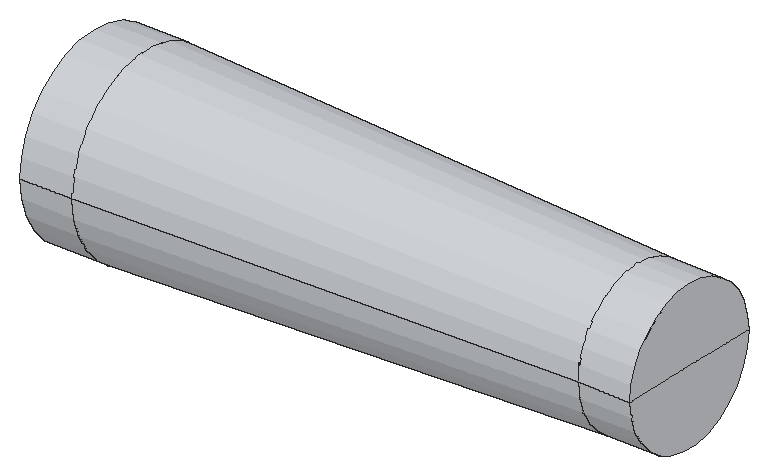
Revit family "394529d68e5e47efbd209de2deb56a6d", category Pipe Fittings, Revit 2021
Family settings
  Round Connector Dimension = Use Radius
  Part Type = Transition
  OmniClass Number = 23.60.30.11.14
  OmniClass Title = Pipework Fittings
  Work Plane-Based = No
  Always vertical = Yes
  Cut with Voids When Loaded = No
  Shared = No
Parameters (values of type "Standard")
  Visibility 2 [instance] = Nominal Diameter 2 > Nominal Diameter 1  # no
  Visibility 1 [instance] = Nominal Diameter 1 > Nominal Diameter 2  # yes
  URL = ""
  Type Comments = ""
  Tick Size 2 [instance] = if(Nominal Diameter 1 > Nominal Diameter 2, Min Tick Size 12, Max Tick Size 12)  # 1.5280"
  Tick Size 1 [instance] = if(Nominal Diameter 1 > Nominal Diameter 2, Max Tick Size 12, Min Tick Size 12)  # 1.9200"
  Min Tick Size 12 [instance] = Min Fitting Outside Diameter 12 * 0.4  # 1.5280"
  Max Tick Size 12 [instance] = Max Fitting Outside Diameter 12 * 0.4  # 1.9200"
  Nominal Radius 2 [instance] = 1.5000"
  Nominal Radius 1 [instance] = 2.0000"
  Nominal Diameter 2 [instance] = Nominal Radius 2 * 2  # 3.0000"
  Nominal Diameter 1 [instance] = Nominal Radius 1 * 2  # 4.0000"
  Min Nominal Diameter 12 [instance] = if(Nominal Diameter 1 > Nominal Diameter 2, Nominal Diameter 2, Nominal Diameter 1)  # 3.0000"
  Max Nominal Diameter 12 [instance] = if(Nominal Diameter 1 > Nominal Diameter 2, Nominal Diameter 1, Nominal Diameter 2)  # 4.0000"
  Manufacturer = ""
  Loss Method = K Coefficient from Table
  Lookup Table Name = "Reducer - PE - DI - Class 350"
  Length [instance] = size_lookup(Lookup Table Name, "Lgt", 2 * Max Nominal Diameter 12, Max Nominal Diameter 12, Min Nominal Diameter 12)  # 15.3700"
  K Coefficient Table = "Reducer/Coupling/Union/Increaser"
  Fitting Outside Radius 2 [instance] = Fitting Outside Diameter 2 / 2  # 1.9100"
  Fitting Outside Radius 1 [instance] = Fitting Outside Diameter 1 / 2  # 2.4000"
  Min Fitting Outside Diameter 12 [instance] = size_lookup(Lookup Table Name, "FOD", 1.04 * Min Nominal Diameter 12 + 0.7000", Min Nominal Diameter 12)  # 3.8200"
  Max Fitting Outside Diameter 12 [instance] = size_lookup(Lookup Table Name, "FOD", 1.04 * Max Nominal Diameter 12 + 0.7000", Max Nominal Diameter 12)  # 4.8000"
  built-in parameter 1114238 [instance] = (empty or 0)
  Fitting Outside Diameter 2 [instance] = if(Nominal Diameter 1 > Nominal Diameter 2, Min Fitting Outside Diameter 12, Max Fitting Outside Diameter 12)  # 3.8200"
  Fitting Outside Diameter 1 [instance] = if(Nominal Diameter 1 > Nominal Diameter 2, Max Fitting Outside Diameter 12, Min Fitting Outside Diameter 12)  # 4.8000"
  Description = ""
  Default Elevation = 0.0000"
  Assembly Code = ""
Reference planes (in)
  plane 1 "Center (Front/Back)": y = 0
  plane 2: z = 0
  plane 3 "Center (Left/Right)": x = 0
  plane 4 "Right": x = 15.37
  plane 5 "TK1 Top": y = 1.92
  plane 6 "TK1 Bottom": y = -1.92
  plane 7 "TK2 Top": y = 1.528
  plane 8 "TK2 Bottom": y = -1.528
  plane 9: y = 2.4
  plane 10: y = 1.91
  plane 11: x = 3.8425
  plane 12: x = 11.5275
  plane 13: x = 7.685
  plane 14: x = 1.3425
  plane 15: x = 14.0275
Forms (in)
  Extrusion 1, solid, not visible
    sketch origin (0, 0, 0) x (0, 1, 0) y (0, 0, 1)
      loop
        circle (0, 0) r 1
    from 0 to 15.37
  Revolve 2, solid, detail levels fine
    sketch origin (0, 0, 0) x (1, 0, 0) y (0, 1, 0)
      loop
        line (0, 0) -> (15.37, 0) -> (15.37, 1.91) -> (14.0275, 1.91) -> (1.3425, 2.4) -> (0, 2.4) -> (0, 0)
      axis (0, 0) -> (15.37, 0)
    angle from 0 to 360
Lines and regions (in)
  model lines, detail levels coarse+medium
    curve 1: line (0, 0, 0) -> (0, 1.92, 0)
    curve 2: line (0, -1.92, 0) -> (0, 0, 0)
    curve 3: line (15.37, 0, 0) -> (15.37, 1.528, 0)
    curve 4: line (15.37, 0, 0) -> (15.37, -1.528, 0)
  model lines, style "PipeFitting", visible <- "Visibility 1", detail levels coarse+medium
    curve 5: line (0, 1.92, 0) -> (15.37, 0, 0)
    curve 6: line (0, -1.92, 0) -> (15.37, 0, 0)
  model lines, style "PipeFitting", visible <- "Visibility 2", detail levels coarse+medium
    curve 7: line (15.37, 1.528, 0) -> (0, 0, 0)
    curve 8: line (0, 0, 0) -> (15.37, -1.528, 0)
Dimensions and locks (in)
  "Tick Size 1": plane 5 "TK1 Top" to plane 1 "Center (Front/Back)"
  "Tick Size 1": plane 6 "TK1 Bottom" to plane 1 "Center (Front/Back)"
  "Tick Size 2": plane 7 "TK2 Top" to plane 1 "Center (Front/Back)"
  "Tick Size 2": plane 8 "TK2 Bottom" to plane 1 "Center (Front/Back)"
  "Fitting Outside Radius 1": plane 9 to plane 1 "Center (Front/Back)"
  "Length": plane 3 "Center (Left/Right)" to plane 4 "Right"
  "Fitting Outside Radius 2": plane 10 to plane 1 "Center (Front/Back)"
  equal spacing: plane 3 "Center (Left/Right)", plane 11, plane 13, plane 12, plane 4 "Right"
  locked: plane 12 to plane 15 at 2.5
  locked: plane 14 to plane 11 at 2.5
  radius of Extrusion 1 sketch curve = 1.0000"
  aligned and locked: plane 2 to level
  aligned and locked: plane 2 to Extrusion 1 sketch curve
  aligned and locked: plane 1 "Center (Front/Back)" to Extrusion 1 sketch curve
  aligned and locked: Extrusion 1 to plane 3 "Center (Left/Right)"
  aligned and locked: plane 4 "Right" to Extrusion 1
  aligned and locked: plane 1 "Center (Front/Back)" to curve 2
  aligned and locked: plane 3 "Center (Left/Right)" to curve 1
  aligned and locked: plane 3 "Center (Left/Right)" to curve 2
  aligned and locked: plane 5 "TK1 Top" to curve 1
  aligned and locked: plane 6 "TK1 Bottom" to curve 2
  aligned and locked: curve 3 to plane 7 "TK2 Top"
  aligned and locked: curve 4 to plane 4 "Right"
  aligned and locked: plane 1 "Center (Front/Back)" to Revolve 2 sketch curve
  aligned and locked: plane 3 "Center (Left/Right)" to Revolve 2 sketch curve
  aligned and locked: plane 4 "Right" to Revolve 2 sketch curve
  aligned and locked: Revolve 2 sketch curve to Revolve 2 sketch curve
  aligned and locked: Revolve 2 sketch curve to plane 10
  aligned and locked: Revolve 2 sketch curve to plane 9
  aligned and locked: plane 15 to Revolve 2 sketch curve
Automatic sketch dimensions
  plane 8 "TK2 Bottom" to curve 8 = 0.0000"
  plane 1 "Center (Front/Back)" to curve 4 = 0.0000"
  Revolve 2 sketch curve to plane 14 = 0.0000"
  Revolve 2 sketch curve to plane 3 "Center (Left/Right)" = 9.7500"
  Revolve 2 sketch curve to Revolve 2 sketch curve = 7.2500"
Connectors (in)
  piping at (0, 0, 0), diameter 4, driven by "Nominal Radius 1"
    settings: on Extrusion 1, index 1, connector inside diameter 4.0000", connector length 0.0000", flow factor 0, pipe flow 0 GPM, pressure drop 0.00 psi, fitting loss kfactor 0, connector angle 0.00°, fixture units 0, engagement length 0.0000", angle of deflection 0.00°, flow configuration 0, flow direction 0, fitting loss method 0, system type 28, joint type 0, gender type 0, connector reference index 2, connector utility 0, adjustable connector no, is connector primary yes, connector description ""
  piping at (15.37, 0, 0), diameter 3, driven by "Nominal Radius 2"
    settings: on Extrusion 1, index 2, connector inside diameter 3.0000", connector length 0.0000", flow factor 0, pipe flow 0 GPM, pressure drop 0.00 psi, fitting loss kfactor 0, connector angle 0.00°, fixture units 0, engagement length 0.0000", angle of deflection 0.00°, flow configuration 0, flow direction 0, fitting loss method 0, system type 28, joint type 0, gender type 0, connector reference index 1, connector utility 0, adjustable connector no, is connector primary no, connector description ""
